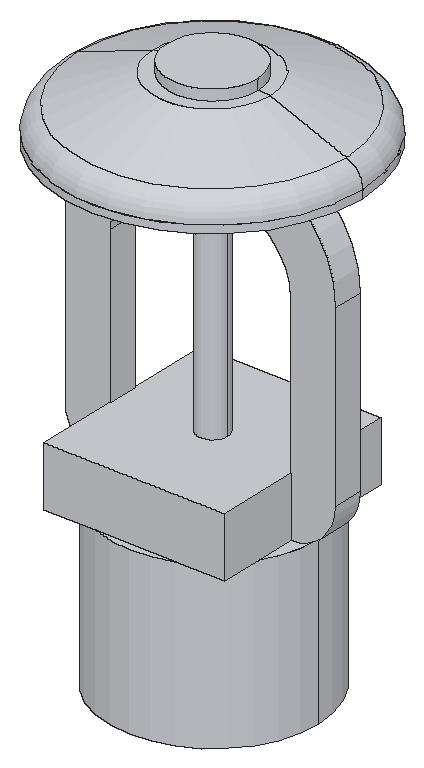
Revit family
Parameters (values of type "RASCO F1FR56-300 UPRIGHT")
  URL = ""
  Temperature Rating = 175 °F
  Response = 1
  RASCO SIN # = "RA2625"
  RASCO Part # = "F1FR56U5B3"
  Pressure Rating = "300 PSI"
  Pressure Class = 1
  Orifice Size = 1/2"
  Orifice = (empty or 0)
  Model = "F1FR56"
  Manufacturer = "RASCO"
  K-Factor = 5.6
  Description = "Brz. Finish"
  Coverage = (empty or 0)
Reference planes (in)
  plane 1 "Center (Front/Back)": y = 0
  plane 2: z = 0
  plane 3 "Center (Left/Right)": x = 0
Nested families (in)
  nested 1: "F1FR56U5B3" at (0.00728, -0.11926, 0), type "RASCO F1FR56-300"
Connectors (in)
  piping at (0.00728, -0.11926, 0)
    settings: on nested 1, index 1, connector radius 115/256", flow factor 0, pipe flow 0 GPM, pressure drop 0.00 psi, fitting loss kfactor 0, connector angle 0.00°, fixture units 0, flow configuration 0, flow direction 0, fitting loss method 0, system type 7, connector reference index -1, connector utility 0, adjustable connector no, is connector primary yes, fitting loss table "", connector description ""
Definition of nested family "F1FR56U5B3"
  Parameters (values of type "RASCO F1FR56-300")
    Type Comments = ""
    Temperature Rating = 0 °F
    Response = (empty or 0)
    Pressure Rating = "0"
    Pressure Class = (empty or 0)
    Orifice Size = 0"
    Orifice = (empty or 0)
    Model = ""
    Manufacturer = ""
    K-Factor = 0
    Description = ""
    Coverage = (empty or 0)
    Assembly Code = ""
  Reference planes (in)
    plane 1 "Center (Front/Back)": y = 0
    plane 2: z = 0
    plane 3 "ref.2": z = 0.6875
    plane 4 "ref.3": z = 0.9375
    plane 5: x = -0.38065
    plane 6: x = 0.36935
    plane 7 "ref. side 1": y = 0.06402
    plane 8 "ref. side 2": y = -0.06098
    plane 9 "ref.4": z = 1.875
    plane 10 "ref.5": z = 2.3125
    plane 11 "ref.6": z = 2.4375
  Forms (in)
    Extrusion 1, solid
      sketch origin (0, 0, 0) x (1, 0, 0) y (0, 1, 0)
        loop
          circle (0, 0) r 0.4375
      from 0 to 0.6875
    Extrusion 2, solid
      sketch origin (-0.12185, 0.05177, 0.6875) x (1, 0, 0) y (0, 1, 0)
        loop
          line (-0.2588, 0.356) -> (-0.2588, -0.4565) -> (0.4912, -0.4565) -> (0.4912, 0.356) -> (-0.2588, 0.356)
      from 0 to 0.25
    Extrusion 3, solid
      sketch origin (0, 0, 0) x (1, 0, 0) y (0, 0, 1)
        loop
          line (-0.38065, 0.68754) -> (-0.38065, 1.58397)
          arc (-0.38065, 1.58397) -> (-0.29541, 1.78976) -> (-0.08962, 1.875) r 0.29103
          line (-0.08962, 1.875) -> (0.07524, 1.875)
          arc (0.07524, 1.875) -> (0.28321, 1.78886) -> (0.36935, 1.58089) r 0.29411
          line (0.36935, 1.58089) -> (0.36935, 0.68751)
          arc (0.36935, 0.68751) -> (0.50207, 0.74393) -> (0.55685, 0.87734) r 0.18984
          line (0.55685, 0.87734) -> (0.55685, 1.61676)
          arc (0.55685, 1.61676) -> (0.42629, 1.93194) -> (0.11111, 2.0625) r 0.44574
          line (0.11111, 2.0625) -> (-0.12259, 2.0625)
          arc (-0.12259, 2.0625) -> (-0.43765, 1.932) -> (-0.56815, 1.61694) r 0.44556
          line (-0.56815, 1.61694) -> (-0.56815, 0.87876)
          arc (-0.56815, 0.87876) -> (-0.51345, 0.74486) -> (-0.38065, 0.68754) r 0.19126
      from -0.06402 to 0.06098
    Extrusion 4, solid
      sketch origin (0, 0, 0.9375) x (-1, 0, 0) y (0, -1, 0)
        loop
          circle (0.00574, -0.00152) r 0.0625
      from 0 to 0.9375
    Extrusion 5, solid
      sketch origin (0, 0, 1.875) x (-1, 0, 0) y (0, -1, 0)
        loop
          circle (0.00574, -0.00152) r 0.1875
      from 0 to 0.4375
    Revolve 6, solid
      sketch origin (0, 0, -0.31276) x (1, 0, 0) y (0, 0, 1)
        loop
          line (-0.19324, 2.33367) -> (-0.19324, 2.58367) -> (-0.24995, 2.58367) -> (-0.56395, 2.46314)
          arc (-0.56395, 2.46314) -> (-0.61243, 2.42492) -> (-0.63074, 2.36595) r 0.1041
          line (-0.63074, 2.36595) -> (-0.63074, 2.33367) -> (-0.19324, 2.33367)
        axis (-0.00574, 2.33367) -> (-0.00574, 2.58367)
      angle from 0 to 360
  Cuts and joins
    joined: Extrusion 1, Extrusion 2, Extrusion 4, Revolve 6
  Lines and regions (in)
    model lines
      curve 1: line (-0.00574, 0.06402, 1.875) -> (-0.00574, -0.06098, 1.875)
